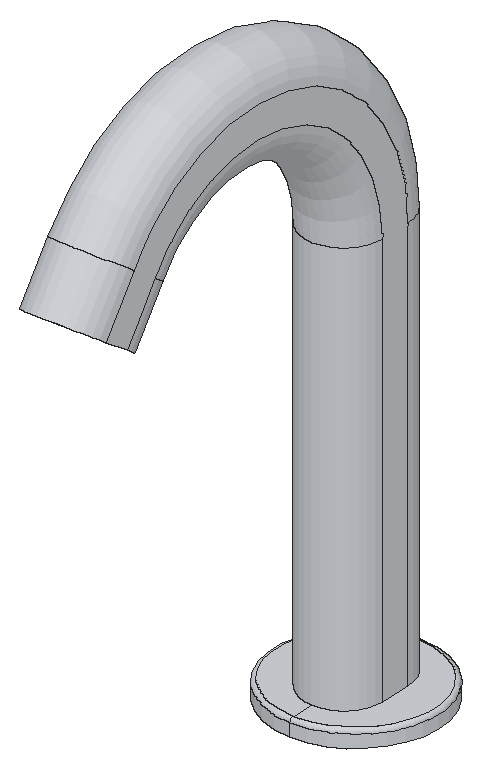
Revit family "Faucet_Touchless-Lavatory-KOHLER-Oblo-K-103B77", category Plumbing Fixtures, host Face, Revit 2017
Family settings
  Host = Face
  Round Connector Dimension = Use Diameter
  Part Type = Normal
  OmniClass Number = 23.31.11.00
  OmniClass Title = Faucets
  Cut with Voids When Loaded = No
  Shared = No
  Room Calculation Point = No
Parameters (values of type "CP-Polished Chrome")
  Width = 2 5/16"  # constant formula
  WaterSense Certified = 1 = 0  # no
  Waste Water Outlet = "Waste Water Outlet"  # constant formula
  Waste Connection = 1 = 0  # no
  Voltage = 120 V  # constant formula
  Vent Connection = 1 = 0  # no
  URL = "https://www.us.kohler.com/us/"
  Spout Reach = Length  # 4 7/8"
  Product Page URL = "http://www.us.kohler.com/us/catalog/productDetails.jsp?productNumber=103B77-SANA"
  Product Name = "Oblo"  # constant formula
  Product Documentation Link = "https://www.us.kohler.com/webassets/kpna/catalog/pdf/en/K-103B77-SANA_spec.pdf"
  Pressure = 60.00 psi  # constant formula
  Model = "K-103B77-SANA-CP"  # constant formula
  Material = " Brass Spout"  # constant formula
  MasterFormat 2004 = "22.41.39"  # constant formula
  MasterFormat 1995 = "15410"  # constant formula
  Manufacturer Address = "444 Highland Dr, Kohler, WI 53044"  # constant formula
  Manufacturer = "KOHLER Co."  # constant formula
  Length = 4 7/8"  # constant formula
  Hot Water Inlet = "Hot Water Inlet"  # constant formula
  Height = 9 1/4"  # constant formula
  HW Connection = 1 = 1  # yes
  Flow Rate = 0.5 GPM  # constant formula
  Finish = Kohler-Metal-CP-Polished_Chrome
  Environmental Product Declaration = ""
  Electrical Note = "One dedicated circuit required, protected with Class A Ground-Fault Circuit-Interrupter (GFCI). Outside North America, this device may be known as a Residual Current Device (RCD)"  # constant formula
  Electrical Connector = 1 = 1  # yes
  Drain Included = 1 = 1  # yes
  Description = " Touchless faucet with Kinesis sensor technology and temperature mixer, AC-powered"  # constant formula
  Default Elevation = 36"
  Declare Label = ""
  Date Modified = "01/07/2020"  # constant formula
  Date Created = "01/07/2020"  # constant formula
  Copyright = "Copyright KOHLER Co."  # constant formula
  Contact Us = "https://www.us.kohler.com/us/static/contact.jsp"
  Cold Water Inlet = "Cold Water Inlet"  # constant formula
  CW Connection = 1 = 1  # yes
  Assembly Code = "D2010"
  Apparent Load = 15 A * Voltage  # 1800 VA
  ADA Compliant = 1 = 1  # yes
Reference planes (in)
  plane 1 "Center (Front/Back)": y = 0
  plane 2: z = 0
  plane 3 "Center (Left/Right)": x = 0
  plane 4: x = -1.15625
  plane 5: x = 1.15625
  plane 6: y = 1.15625
  plane 7: y = -1.15625
  plane 8: y = -4.875
  plane 9: z = 9.25
  plane 10: z = 6.8125
  plane 11: x = -0.55118
  plane 12: x = 0.55118
Dimensions and locks (in)
  "Width": plane 4 to plane 5
  plane 7 to plane 6 = 2 5/16"
  "Length": plane 8 to plane 1 "Center (Front/Back)"
  "Height": plane 9 to plane 2
  plane 10 to plane 2 = 6 13/16"
  aligned and locked: plane 2 to host face
  aligned and locked: level to host face
Automatic sketch dimensions
  host sketch curve to host sketch curve = 96"  (x2)
Nested families (in)
  nested 1: "K-103B77" at (0, 0, 0), type "K-103B77"
Connectors (in)
  piping at (-0.55118, 0, 0.02263), diameter 0.375, driven by "Flow Rate", driven by "Pressure", driven by "HW Connection", driven by "Hot Water Inlet"
    settings: on nested 1, index 1, connector inside diameter 24", connector length 0", flow factor 0, pipe flow 0.5 GPM, pressure drop 60.00 psi, fitting loss kfactor 0, connector angle 0.00°, fixture units 0, engagement length 0", angle of deflection 0.00°, flow configuration 1, flow direction 1, fitting loss method 4, system type 19, joint type 0, gender type 0, connector reference index -1, connector utility 1, adjustable connector no, is connector primary yes, connector description "Hot Water Inlet"
  piping at (0.55118, 0, 0), diameter 0.375, driven by "Flow Rate", driven by "Pressure", driven by "CW Connection", driven by "Cold Water Inlet"
    settings: on nested 1, index 2, connector inside diameter 24", connector length 0", flow factor 0, pipe flow 0.5 GPM, pressure drop 60.00 psi, fitting loss kfactor 0, connector angle 0.00°, fixture units 0, engagement length 0", angle of deflection 0.00°, flow configuration 1, flow direction 1, fitting loss method 4, system type 20, joint type 0, gender type 0, connector reference index -1, connector utility 1, adjustable connector no, is connector primary no, connector description "Cold Water Inlet"
  electrical at (0, 0.95016, 0), driven by "Voltage", driven by "Apparent Load", driven by "Electrical Connector", driven by "Electrical Note"
    settings: on nested 1, index 3, voltage 120 V, apparent load 1800 VA, apparent load phase1 0 VA, apparent load phase2 0 VA, apparent load phase3 0 VA, power factor 1, load classification "Power", number of poles 1, system type 30, power factor state 1, is connector primary yes, connector utility yes, sub classification motor no, connector description "One dedicated circuit required, protected with Class A Ground-Fault Circuit-Interrupter (GFCI). Outside North America, this device may be known as a Residual Current Device (RCD)"
Definition of nested family "K-103B77"
  Parameters (values of type "K-103B77")
    Material = none
  Reference planes (in)
    plane 1 "Center (Front/Back)": y = 0
    plane 2: z = 0
    plane 3 "Center (Left/Right)": x = 0
    plane 4: x = -1.15625
    plane 5: x = 1.15625
    plane 6: y = 1.15625
    plane 7: y = -1.15625
    plane 8: z = 9.25
    plane 9: y = -4.875
    plane 10: z = 6.8125
  Forms (in)
    Revolve 1, solid, material <- "Material", detail levels medium+fine
      sketch origin (0, 0, 0) x (0, 1, 0) y (0, 0, 1)
        loop
          line (1.15625, 0) -> (1.15625, 0.17964)
          arc (1.15625, 0.17964) -> (1.13968, 0.21965) -> (1.09967, 0.23622) r 0.05658
          line (1.09967, 0.23622) -> (0, 0.23622) -> (0, 0) -> (1.15625, 0)
        axis (0, 0) -> (0, 0.23622)
      angle from 0 to 360
    Sweep 2, solid, material <- "Material", detail levels medium+fine
      path origin (0, 0, -0.0166) x (0, 1, 0) y (0, 0, 1)
        loop
          line (0, 0.25282) -> (0, 6.07301)
          arc (0, 6.07301) -> (-1.69297, 8.38192) -> (-4.4041, 7.46161) r 2.42096
          line (-4.4041, 7.46161) -> (-4.89067, 6.76672)
      profile origin (0, 0, 3.14631) x (0, -1, 0) y (1, 0, 0)
        loop
          spline (0.22638, -0.55118) -> (0.36802, -0.53239) -> (0.50001, -0.47732) -> (0.61335, -0.3897) -> (0.70031, -0.27552) -> (0.75496, -0.14256) -> (0.77357, 0.00012) -> (0.75489, 0.14279) -> (0.70018, 0.27573) -> (0.61318, 0.38987) -> (0.4998, 0.47744) -> (0.36779, 0.53246) -> (0.22613, 0.55118)
          line (0.22613, 0.55118) -> (-0.22638, 0.55118)
          spline (-0.22638, 0.55118) -> (-0.368, 0.5324) -> (-0.49998, 0.47734) -> (-0.6133, 0.38974) -> (-0.70026, 0.27559) -> (-0.75493, 0.14266) -> (-0.77358, 0) -> (-0.75493, -0.14266) -> (-0.70026, -0.27559) -> (-0.6133, -0.38974) -> (-0.49998, -0.47734) -> (-0.368, -0.5324) -> (-0.22638, -0.55118)
          line (-0.22638, -0.55118) -> (0.22638, -0.55118)
    Extrusion 3, solid, material <- "Material", detail levels coarse
      sketch origin (0, 0, 0) x (1, 0, 0) y (0, 1, 0)
        loop
          circle (0, 0) r 1.15625
      from 0 to 0.23622
    Sweep 4, solid, material <- "Material", detail levels coarse
      path origin (0, 0, -0.0166) x (0, 1, 0) y (0, 0, 1)
        loop
          line (0, 0.25282) -> (0, 6.07301)
          arc (0, 6.07301) -> (-1.69297, 8.38192) -> (-4.4041, 7.46161) r 2.42096
          line (-4.4041, 7.46161) -> (-4.89067, 6.76672)
      profile origin (0, 0, 3.14631) x (0, -1, 0) y (1, 0, 0)
        loop
          spline (0.77362, 0) -> (0.74726, 0.14266) -> (0.66997, 0.27559) -> (0.54703, 0.38974) -> (0.38681, 0.47734) -> (0.20023, 0.5324) -> (0, 0.55118) -> (-0.20023, 0.5324) -> (-0.38681, 0.47734) -> (-0.54703, 0.38974) -> (-0.66997, 0.27559) -> (-0.74726, 0.14266) -> (-0.77362, 0)
          spline (-0.77362, 0) -> (-0.74726, -0.14266) -> (-0.66997, -0.27559) -> (-0.54703, -0.38974) -> (-0.38681, -0.47734) -> (-0.20023, -0.5324) -> (0, -0.55118) -> (0.20023, -0.5324) -> (0.38681, -0.47734) -> (0.54703, -0.38974) -> (0.66997, -0.27559) -> (0.74726, -0.14266) -> (0.77362, 0)
    Extrusion 5, void
      sketch origin (0, -4.89067, 6.75012) x (1, 0, 0) y (0, -0.819152, 0.573576)
        loop
          circle (0.00001, 0.10763) r 0.5
        loop
          circle (0.00001, 0.10763) r 0.48516
        loop
          circle (0.00001, 0.10763) r 0.41777
      from -0.16869 to 0.18137
    Extrusion 6, solid, material <- "Material", detail levels medium+fine
      sketch origin (0, 0, 0) x (1, 0, 0) y (0, 1, 0)
        loop
          circle (-0.55118, 0) r 0.09901
        loop
          circle (0.55118, 0) r 0.09901
        loop
          circle (0, 0.95016) r 0.06477
      from 0 to 0.02263
    Extrusion 7, solid, detail levels medium+fine
      sketch origin (0, -4.87262, 6.73748) x (1, 0, 0) y (0, -0.819152, 0.573576)
        loop
          arc (-0.05568, 0.31202) -> (-0.15039, 0.27766) -> (-0.2275, 0.21282) r 0.2885
          line (-0.2275, 0.21282) -> (-0.19291, 0.19285) -> (-0.24246, 0.10704) -> (-0.27705, 0.12701)
          arc (-0.27705, 0.12701) -> (-0.29464, 0.0278) -> (-0.27705, -0.0714) r 0.2885
          line (-0.27705, -0.0714) -> (-0.24246, -0.05143) -> (-0.19291, -0.13724) -> (-0.2275, -0.15721)
          arc (-0.2275, -0.15721) -> (-0.15039, -0.22205) -> (-0.05568, -0.25642) r 0.2885
          line (-0.05568, -0.25642) -> (-0.05568, -0.21647) -> (0.04341, -0.21647) -> (0.04341, -0.25642)
          arc (0.04341, -0.25642) -> (0.13812, -0.22205) -> (0.21523, -0.15721) r 0.2885
          line (0.21523, -0.15721) -> (0.18064, -0.13724) -> (0.23019, -0.05143) -> (0.26478, -0.0714)
          arc (0.26478, -0.0714) -> (0.28237, 0.0278) -> (0.26478, 0.12701) r 0.2885
          line (0.26478, 0.12701) -> (0.23019, 0.10704) -> (0.18064, 0.19285) -> (0.21523, 0.21282)
          arc (0.21523, 0.21282) -> (0.13812, 0.27766) -> (0.04341, 0.31202) r 0.2885
          line (0.04341, 0.31202) -> (0.04341, 0.27208) -> (-0.05568, 0.27208) -> (-0.05568, 0.31202)
      from -0.16869 to -0.08135
  Cuts and joins
    Extrusion 5 cuts Sweep 2
    joined: Revolve 1, Sweep 2
    joined: Extrusion 3, Sweep 4
  Lines and regions (in)
    Masking region 1
      outline origin (0, 0, 0) x (1, 0, 0) y (0, 1, 0)
        loop
          arc (0.55118, -1.01642) -> (1.12075, 0.28432) -> (0, 1.15625) r 1.15625
          arc (0, 1.15625) -> (-1.12075, 0.28432) -> (-0.55118, -1.01642) r 1.15625
          line (-0.55118, -1.01642) -> (-0.55118, -5.07611)
          spline (-0.55118, -5.07611) -> (-0.53241, -5.19209) -> (-0.47738, -5.30017) -> (-0.38983, -5.39299) -> (-0.27574, -5.46422) -> (-0.14286, -5.50903) -> (-0.00026, -5.52435) -> (0.14237, -5.50914) -> (0.27529, -5.46443) -> (0.38947, -5.39328) -> (0.47712, -5.30053) -> (0.53228, -5.19249) -> (0.55118, -5.07653)
          line (0.55118, -5.07653) -> (0.55118, -1.01642)
    Masking region 2
      outline origin (0, 0, 0) x (1, 0, 0) y (0, 0, 1)
        loop
          line (1.15625, 0) -> (1.15625, 0.18027)
          arc (1.15625, 0.18027) -> (1.13986, 0.21983) -> (1.1003, 0.23622) r 0.05595
          line (1.1003, 0.23622) -> (0.55118, 0.23622) -> (0.55118, 8.69977)
          arc (0.55118, 8.69977) -> (0, 9.25096) -> (-0.55118, 8.69977) r 0.55118
          line (-0.55118, 8.69977) -> (-0.55118, 0.23622) -> (-1.1003, 0.23622)
          arc (-1.1003, 0.23622) -> (-1.13986, 0.21983) -> (-1.15625, 0.18027) r 0.05595
          line (-1.15625, 0.18027) -> (-1.15625, 0) -> (1.15625, 0)
    Masking region 3
      outline origin (0, 0, 0) x (0, 1, 0) y (0, 0, 1)
        loop
          line (1.15625, 0) -> (1.15625, 0.18047)
          arc (1.15625, 0.18047) -> (1.13992, 0.21989) -> (1.1005, 0.23622) r 0.05575
          line (1.1005, 0.23622) -> (0.77357, 0.23622) -> (0.77357, 6.05478)
          arc (0.77357, 6.05478) -> (-1.46071, 9.10195) -> (-5.03871, 7.88738) r 3.19505
          line (-5.03871, 7.88738) -> (-5.52435, 7.19382) -> (-4.257, 6.30641) -> (-3.77602, 6.99332)
          arc (-3.77602, 6.99332) -> (-1.92773, 7.62073) -> (-0.77357, 6.04666) r 1.65046
          line (-0.77357, 6.04666) -> (-0.77357, 0.23622) -> (-1.1005, 0.23622)
          arc (-1.1005, 0.23622) -> (-1.13992, 0.21989) -> (-1.15625, 0.18047) r 0.05575
          line (-1.15625, 0.18047) -> (-1.15625, 0) -> (1.15625, 0)
    symbolic lines, detail levels medium+fine
      curve 1: spline (-0.55118, 0.22638, 0) -> (-0.5324, 0.368, 0) -> (-0.47734, 0.49998, 0) -> (-0.38974, 0.6133, 0) -> (-0.27559, 0.70026, 0) -> (-0.14266, 0.75493, 0) -> (0, 0.77357, 0) -> (0.14266, 0.75493, 0) -> (0.27559, 0.70026, 0) -> (0.38974, 0.6133, 0) -> (0.47734, 0.49998, 0) -> (0.5324, 0.368, 0) -> (0.55118, 0.22638, 0)
      curve 2: line (-0.55118, 0.22638, 0) -> (-0.55118, -1.01642, 0)
      curve 3: line (0.55118, 0.22638, 0) -> (0.55118, -1.01642, 0)
      curve 4: line (-0.55118, 0, 0.23622) -> (0.55118, 0, 0.23622)
      curve 5: line (0, 0.77357, 0.23622) -> (0, -0.77357, 0.23622)
      curve 6: line (0, 0.30078, 0.23622) -> (0, 0.30078, 6.20994)
      curve 7: arc (0, 0.30078, 6.20994) -> (0, -1.56867, 8.75954) -> (0, -4.56242, 7.7433) r 2.67334
      curve 8: line (0, -5.13706, 6.92264) -> (0, -4.56242, 7.7433)
      curve 9: line (0, -4.64429, 6.5776) -> (0, -4.06965, 7.39826)
      curve 10: arc (0, -0.30078, 6.20994) -> (0, -1.74956, 8.18582) -> (0, -4.06965, 7.39826) r 2.07177
      curve 11: line (0, -0.30078, 0.23622) -> (0, -0.30078, 6.20994)
      curve 12: spline (0.55107, 0, 6.9628) -> (0.53229, 0, 7.04404) -> (0.47723, 0, 7.11973) -> (0.38964, 0, 7.18474) -> (0.27548, 0, 7.23461) -> (0.14255, 0, 7.26597) -> (-0.00011, 0, 7.27666) -> (-0.14276, 0, 7.26597) -> (-0.2757, 0, 7.23461) -> (-0.38985, 0, 7.18474) -> (-0.47744, 0, 7.11973) -> (-0.53251, 0, 7.04404) -> (-0.55129, 0, 6.9628)
      curve 13: spline (-0.55129, 0, 6.70311) -> (-0.5325, 0, 6.62187) -> (-0.47742, 0, 6.54616) -> (-0.38981, 0, 6.48116) -> (-0.27563, 0, 6.43128) -> (-0.14267, 0, 6.39993) -> (0.00001, 0, 6.38926) -> (0.14269, 0, 6.39997) -> (0.27562, 0, 6.43135) -> (0.38977, 0, 6.48126) -> (0.47733, 0, 6.54629) -> (0.53235, 0, 6.62201) -> (0.55107, 0, 6.70325)
      curve 14: spline (0.49989, 0, 6.8824) -> (0.48286, 0, 6.80817) -> (0.43291, 0, 6.739) -> (0.35345, 0, 6.67961) -> (0.24989, 0, 6.63403) -> (0.1293, 0, 6.60538) -> (-0.00011, 0, 6.59561) -> (-0.12952, 0, 6.60538) -> (-0.25011, 0, 6.63403) -> (-0.35366, 0, 6.67961) -> (-0.43312, 0, 6.739) -> (-0.48307, 0, 6.80817) -> (-0.50011, 0, 6.8824) -> (-0.48307, 0, 6.95662) -> (-0.43312, 0, 7.02579) -> (-0.35366, 0, 7.08519) -> (-0.25011, 0, 7.13076) -> (-0.12952, 0, 7.15941) -> (-0.00011, 0, 7.16918) -> (0.1293, 0, 7.15941) -> (0.24989, 0, 7.13076) -> (0.35345, 0, 7.08519) -> (0.43291, 0, 7.02579) -> (0.48286, 0, 6.95662) -> (0.49989, 0, 6.8824)
      curve 15: spline (0.48505, 0, 6.8824) -> (0.46852, 0, 6.95442) -> (0.42005, 0, 7.02153) -> (0.34295, 0, 7.07917) -> (0.24247, 0, 7.12339) -> (0.12546, 0, 7.15119) -> (-0.00011, 0, 7.16067) -> (-0.12568, 0, 7.15119) -> (-0.24269, 0, 7.12339) -> (-0.34317, 0, 7.07917) -> (-0.42027, 0, 7.02153) -> (-0.46873, 0, 6.95442) -> (-0.48526, 0, 6.8824) -> (-0.46873, 0, 6.81037) -> (-0.42027, 0, 6.74326) -> (-0.34317, 0, 6.68563) -> (-0.24269, 0, 6.6414) -> (-0.12568, 0, 6.6136) -> (-0.00011, 0, 6.60412) -> (0.12546, 0, 6.6136) -> (0.24247, 0, 6.6414) -> (0.34295, 0, 6.68563) -> (0.42005, 0, 6.74326) -> (0.46852, 0, 6.81037) -> (0.48505, 0, 6.8824)
      curve 16: spline (0.41766, 0, 6.8824) -> (0.40343, 0, 6.82038) -> (0.36169, 0, 6.76258) -> (0.2953, 0, 6.71296) -> (0.20878, 0, 6.67488) -> (0.10802, 0, 6.65094) -> (-0.00011, 0, 6.64277) -> (-0.10823, 0, 6.65094) -> (-0.20899, 0, 6.67488) -> (-0.29552, 0, 6.71296) -> (-0.36191, 0, 6.76258) -> (-0.40364, 0, 6.82038) -> (-0.41788, 0, 6.8824) -> (-0.40364, 0, 6.94441) -> (-0.36191, 0, 7.00221) -> (-0.29552, 0, 7.05184) -> (-0.20899, 0, 7.08992) -> (-0.10823, 0, 7.11385) -> (-0.00011, 0, 7.12202) -> (0.10802, 0, 7.11385) -> (0.20878, 0, 7.08992) -> (0.2953, 0, 7.05184) -> (0.36169, 0, 7.00221) -> (0.40343, 0, 6.94441) -> (0.41766, 0, 6.8824)
      curve 17: spline (-0.41078, 0, 6.92639) -> (-0.3992, 0, 6.89953) -> (-0.38231, 0, 6.87362) -> (-0.36032, 0, 6.849) -> (-0.33352, 0, 6.82599) -> (-0.30229, 0, 6.80491) -> (-0.26703, 0, 6.78604) -> (-0.22821, 0, 6.76962) -> (-0.18635, 0, 6.75588) -> (-0.142, 0, 6.745) -> (-0.09577, 0, 6.73712) -> (-0.04826, 0, 6.73235) -> (-0.00011, 0, 6.73075)
      curve 18: spline (-0.00011, 0, 6.73075) -> (0.04804, 0, 6.73235) -> (0.09555, 0, 6.73712) -> (0.14179, 0, 6.745) -> (0.18613, 0, 6.75588) -> (0.22799, 0, 6.76962) -> (0.26681, 0, 6.78604) -> (0.30207, 0, 6.80491) -> (0.33331, 0, 6.82599) -> (0.3601, 0, 6.849) -> (0.38209, 0, 6.87362) -> (0.39899, 0, 6.89953) -> (0.41056, 0, 6.92639)
      curve 19: line (-0.04931, 0, 6.73999) -> (-0.04931, 0, 6.7629)
      curve 20: line (0.04978, 0, 6.7629) -> (0.04978, 0, 6.73999)
      curve 21: spline (0.2216, 0, 6.79689) -> (0.21041, 0, 6.78965) -> (0.19849, 0, 6.7828) -> (0.1859, 0, 6.77635) -> (0.17267, 0, 6.77034) -> (0.15885, 0, 6.76479) -> (0.14449, 0, 6.7597) -> (0.12963, 0, 6.75511) -> (0.11433, 0, 6.75102) -> (0.09864, 0, 6.74746) -> (0.08262, 0, 6.74442) -> (0.06631, 0, 6.74193) -> (0.04978, 0, 6.73999)
      curve 22: line (0.18701, 0, 6.80835) -> (0.2216, 0, 6.79689)
      curve 23: line (0.23656, 0, 6.85757) -> (0.18701, 0, 6.80835)
      curve 24: line (0.27115, 0, 6.84611) -> (0.23656, 0, 6.85757)
      curve 25: spline (0.27115, 0, 6.95991) -> (0.27648, 0, 6.95073) -> (0.28087, 0, 6.94139) -> (0.28431, 0, 6.93191) -> (0.28677, 0, 6.92233) -> (0.28824, 0, 6.91269) -> (0.28874, 0, 6.90301) -> (0.28824, 0, 6.89334) -> (0.28677, 0, 6.8837) -> (0.28431, 0, 6.87412) -> (0.28087, 0, 6.86464) -> (0.27648, 0, 6.8553) -> (0.27115, 0, 6.84611)
      curve 26: line (0.23656, 0, 6.94846) -> (0.27115, 0, 6.95991)
      curve 27: line (0.18701, 0, 6.99768) -> (0.23656, 0, 6.94846)
      curve 28: spline (0.04978, 0, 7.06603) -> (0.06631, 0, 7.06409) -> (0.08262, 0, 7.0616) -> (0.09864, 0, 7.05857) -> (0.11433, 0, 7.055) -> (0.12963, 0, 7.05092) -> (0.14449, 0, 7.04632) -> (0.15885, 0, 7.04124) -> (0.17267, 0, 7.03568) -> (0.1859, 0, 7.02967) -> (0.19849, 0, 7.02323) -> (0.21041, 0, 7.01638) -> (0.2216, 0, 7.00913)
      curve 29: line (0.2216, 0, 7.00913) -> (0.18701, 0, 6.99768)
      curve 30: line (0.04978, 0, 7.06603) -> (0.04978, 0, 7.02097)
      curve 31: line (0.04978, 0, 7.02097) -> (-0.04931, 0, 7.02097)
      curve 32: line (-0.04931, 0, 7.02097) -> (-0.04931, 0, 7.06603)
      curve 33: spline (-0.22114, 0, 7.00913) -> (-0.20994, 0, 7.01638) -> (-0.19802, 0, 7.02323) -> (-0.18543, 0, 7.02967) -> (-0.1722, 0, 7.03568) -> (-0.15838, 0, 7.04124) -> (-0.14402, 0, 7.04632) -> (-0.12916, 0, 7.05092) -> (-0.11387, 0, 7.055) -> (-0.09818, 0, 7.05857) -> (-0.08215, 0, 7.0616) -> (-0.06584, 0, 7.06409) -> (-0.04931, 0, 7.06603)
      curve 34: line (-0.18655, 0, 6.99768) -> (-0.22114, 0, 7.00913)
      curve 35: line (-0.23609, 0, 6.94846) -> (-0.18655, 0, 6.99768)
      curve 36: line (-0.27068, 0, 6.95991) -> (-0.23609, 0, 6.94846)
      curve 37: spline (-0.27068, 0, 6.84611) -> (-0.27602, 0, 6.8553) -> (-0.28041, 0, 6.86464) -> (-0.28384, 0, 6.87412) -> (-0.2863, 0, 6.8837) -> (-0.28778, 0, 6.89334) -> (-0.28827, 0, 6.90301) -> (-0.28778, 0, 6.91269) -> (-0.2863, 0, 6.92233) -> (-0.28384, 0, 6.93191) -> (-0.28041, 0, 6.94139) -> (-0.27602, 0, 6.95073) -> (-0.27068, 0, 6.95991)
      curve 38: line (-0.23609, 0, 6.85757) -> (-0.27068, 0, 6.84611)
      curve 39: line (-0.18655, 0, 6.80835) -> (-0.23609, 0, 6.85757)
      curve 40: line (-0.22114, 0, 6.79689) -> (-0.18655, 0, 6.80835)
      curve 41: spline (-0.04931, 0, 6.73999) -> (-0.06584, 0, 6.74193) -> (-0.08215, 0, 6.74442) -> (-0.09818, 0, 6.74746) -> (-0.11387, 0, 6.75102) -> (-0.12916, 0, 6.75511) -> (-0.14402, 0, 6.7597) -> (-0.15838, 0, 6.76479) -> (-0.1722, 0, 6.77034) -> (-0.18543, 0, 6.77635) -> (-0.19802, 0, 6.7828) -> (-0.20994, 0, 6.78965) -> (-0.22114, 0, 6.79689)
      curve 42: line (0.04978, 0, 6.7629) -> (-0.04931, 0, 6.7629)
  Dimensions and locks (in)
    plane 4 to plane 5 = 2 5/16"
    plane 8 to plane 2 = 9 1/4"
    plane 1 "Center (Front/Back)" to plane 9 = 4 7/8"
    plane 10 to plane 2 = 6 13/16"
    aligned and locked: plane 2 to level
